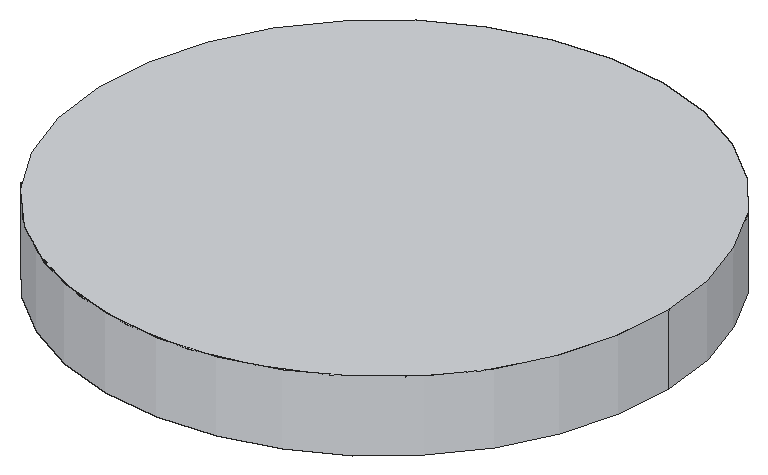
Revit family "d5cd392f19dc46918dad666ea88fe6e9", category Electrical Equipment, host Face, Revit 2021
Family settings
  Host = Face
  Panel Configuration = Two Columns, Circuits Across
  Round Connector Dimension = Use Diameter
  Part Type = Panelboard
  OmniClass Number = 23.80.30.11.17
  OmniClass Title = Distribution Boards and Control Panels
  Seek Item ID = Electrical Equipment - Unbalanced Power Connector-0000-USA-ENU
  Cut with Voids When Loaded = No
  Shared = No
  Room Calculation Point = No
Parameters (values of type "480 V")
  Thickness = 0' - 0 1/8"
  built-in parameter 1140142 [instance] = -1
  Radius = 0.5 * Diameter  # 0' - 0 1/2"
  built-in parameter 1140140 [instance] = 1 (stored number, unit not read)
  Load Classification = Other
  built-in parameter 1155100 [instance] = -1
  Diameter = 0' - 1"
  Default Elevation = 4' - 0"
  Connector Voltage = 480 V
  Connector Number of Poles = 3
Types (6): name | Connector Voltage | Connector Number of Poles
  (no name) | 480 V | 3
  120 V | 120 V | 1
  208 V | 208 V | 3
  277 V | 277 V | 1
  240 V | 240 V | 2
  480 V | 480 V | 3
Reference planes (in)
  plane 1 "Center (Front/Back)": y = 0
  plane 2: z = 0
  plane 3 "Center (Left/Right)": x = 0
  plane 4: z = 0.125
Forms (in)
  Extrusion 1, solid
    sketch origin (0, 0, 0) x (1, 0, 0) y (0, 1, 0)
      loop
        circle (0, 0) r 0.5
    from 0 to 0.125
Dimensions and locks (in)
  "Thickness": plane 4 to level
  "Radius": radius of Extrusion 1 sketch curve
  aligned and locked: plane 2 to host face
  aligned and locked: level to host face
  aligned and locked: plane 4 to Extrusion 1
  aligned and locked: plane 3 "Center (Left/Right)" to Extrusion 1 sketch curve
  aligned and locked: plane 1 "Center (Front/Back)" to Extrusion 1 sketch curve
Automatic sketch dimensions
  host sketch curve to host sketch curve = 8' - 0"  (x2)
Connectors (in)
  electrical at (0, 0, 0.125), driven by "Connector Number of Poles", driven by "Connector Voltage", driven by "Load Classification"
    settings: on Extrusion 1, index 1, voltage 480 V, apparent load 0 VA, apparent load phase1 0 VA, apparent load phase2 0 VA, apparent load phase3 0 VA, power factor 1, load classification "Other", number of poles 3, system type 31, power factor state 1, is connector primary yes, connector utility no, sub classification motor no, connector description ""
